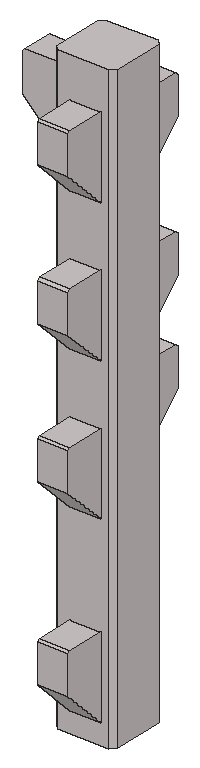
Revit family "rstadvancedsamplefamily", category Structural Columns, Revit 2024
Family settings
  Display in Hidden Views = Edges Hidden by Other Members
  Section Shape = Not Defined
  Material for Model Behavior = Precast Concrete
  Always export as geometry = No
  Beam cutback in plan = From bounding box
  OmniClass Number = 23.25.30.11.14.11
  OmniClass Title = Columns
  Cut with Voids When Loaded = No
  Symbolic Representation = From Family
  Shared = No
  Show family pre-cut in plan views = No
Parameters (values of type "300x300-4 Levels")
  West Corbels Number 1 = if(West Corbels Number > 4, 4, West Corbels Number)  # 1
  Tie Rod Weight [instance] = 30
  Tie Rod W [instance] = (Tie Rod Weight) * 9.80 kN / 1000  # 0.294 kN
  Structural Material [instance] = Concrete - Precast Concrete - 35 MPa
  South Corbels Number 1 = if(South Corbels Number > 4, 4, South Corbels Number)  # 4
  South Corbels Number = 4
  South Corbel Type = Sloped Corbel : Sloped Corbel
  Single Rebar Weight [instance] = 50
  Single Rebar W [instance] = (Single Rebar Weight * 9.80 kN) / 1000  # 0.49 kN
  Rebar Grids Weight [instance] = 100
  Rebar Grids W [instance] = (Rebar Grids Weight * 9.80 kN) / 1000  # 0.98 kN
  North Corbels Number 1 = if(North Corbels Number > 4, 4, North Corbels Number)  # 3
  North Corbels Number = 3
  North Corbel Type = Sloped Corbel : Sloped Corbel
  East Corbels Number 1 = if(East Corbels Number > 4, 4, East Corbels Number)  # 0
  East Corbels Number = 0
  East Corbel Type = Sloped Corbel : Sloped Corbel
  Corbel Width = ""
  Corbel Width West = 150 mm
  Corbel Width South = 150 mm
  Corbel Width North = 150 mm
  Corbel Width East = 150 mm
  Corbel West 4 = and(West Corbels Number 1 = 4, not(West Corbels Number 1 = 0))  # no
  Corbel West 3 = and(or((West Corbels Number 1 = 3), (West Corbels Number 1 > 3)), not(West Corbels Number 1 = 0))  # no
  Corbel West 2 = and(or((West Corbels Number 1 = 2), (West Corbels Number 1 > 2)), not(West Corbels Number 1 = 0))  # no
  Corbel West 1 = and(or((West Corbels Number 1 = 1), (West Corbels Number 1 > 1)), not(West Corbels Number 1 = 0))  # yes
  West Corbels Number = 1
  West Corbel Type = Sloped Corbel : Sloped Corbel
  Corbel South 4 = and(South Corbels Number 1 = 4, not(South Corbels Number 1 = 0))  # yes
  Corbel South 3 = and(or((South Corbels Number 1 = 3), (South Corbels Number 1 > 3)), not(South Corbels Number 1 = 0))  # yes
  Corbel South 2 = and(or((South Corbels Number 1 = 2), (South Corbels Number 1 > 2)), not(South Corbels Number 1 = 0))  # yes
  Corbel South 1 = and(or((South Corbels Number 1 = 1), (South Corbels Number 1 > 1)), not(South Corbels Number 1 = 0))  # yes
  Corbel North 4 = and(North Corbels Number 1 = 4, not(North Corbels Number 1 = 0))  # no
  Corbel North 3 = and(or((North Corbels Number 1 = 3), (North Corbels Number 1 > 3)), not(North Corbels Number 1 = 0))  # yes
  Corbel North 2 = and(or((North Corbels Number 1 = 2), (North Corbels Number 1 > 2)), not(North Corbels Number 1 = 0))  # yes
  Corbel North 1 = and(or((North Corbels Number 1 = 1), (North Corbels Number 1 > 1)), not(North Corbels Number 1 = 0))  # yes
  Corbel Height = ""
  Corbel Height West = 400 mm
  Corbel Height South = 400 mm
  Corbel Height North = 400 mm
  Corbel Height East = 400 mm
  Corbel East 4 = and(East Corbels Number 1 = 4, not(East Corbels Number 1 = 0))  # no
  Corbel East 3 = and(or((East Corbels Number 1 = 3), (East Corbels Number 1 > 3)), not(East Corbels Number 1 = 0))  # no
  Corbel East 2 = and(or((East Corbels Number 1 = 2), (East Corbels Number 1 > 2)), not(East Corbels Number 1 = 0))  # no
  Corbel East 1 = and(or((East Corbels Number 1 = 1), (East Corbels Number 1 > 1)), not(East Corbels Number 1 = 0))  # no
  Corbel Distance from Top Level [instance] = ""
  Corbel Distance West 1 [instance] = 100 mm
  Corbel Distance West 2 [instance] = 700 mm
  Corbel Distance West 3 [instance] = 1300 mm
  Corbel Distance West 4 [instance] = 2100 mm
  Corbel Distance East 1 [instance] = 350 mm
  Corbel Distance East 2 [instance] = 950 mm
  Corbel Distance East 3 [instance] = 1750 mm
  Corbel Distance East 4 [instance] = 2450 mm
  Corbel Distance South 1 [instance] = 200 mm
  Corbel Distance South 2 [instance] = 900 mm
  Corbel Distance South 3 [instance] = 1600 mm
  Corbel Distance South 4 [instance] = 2500 mm
  Corbel Distance North 1 [instance] = 250 mm
  Corbel Distance North 2 [instance] = 950 mm
  Corbel Distance North 3 [instance] = 1450 mm
  Corbel Distance North 4 [instance] = 2350 mm
  Corbel Depth = ""
  Corbel Depth West = 200 mm
  Corbel Depth South = 200 mm
  Corbel Depth North = 200 mm
  Corbel Depth East = 200 mm
  Corbel Horizontal Offset [instance] = ""
  Corbel Offset West [instance] = 60 mm
  Corbel Offset South [instance] = 60 mm
  Corbel Offset North [instance] = 60 mm
  Corbel Offset East [instance] = 60 mm
  Corbel Chamfer [instance] = 10 mm
  Assembly Code = "B10"
  Chamfer = 25 mm
  b = 300 mm
  h = 300 mm
Types (9, lengths in mm): name | West Corbels Number 1 | South Corbels Number 1 | South Corbels Number | South Corbel Type | North Corbels Number 1 | North Corbels Number | North Corbel Type | East Corbels Number 1 | East Corbels Number | East Corbel Type | Corbel West 4 | Corbel West 3 | Corbel West 2 | Corbel West 1 | West Corbels Number | West Corbel Type | Corbel South 4 | Corbel South 3 | Corbel South 2 | Corbel South 1 | Corbel North 3 | Corbel North 2 | Corbel East 2 | Corbel East 1 | Assembly Code | b | h
  (no name) | 1 | 4 | 4 | Sloped Corbel : Sloped Corbel | 3 | 3 | Sloped Corbel : Sloped Corbel | 0 | 0 | Sloped Corbel : Sloped Corbel | no | no | no | yes | 1 | Sloped Corbel : Sloped Corbel | yes | yes | yes | yes | yes | yes | no | no | "B10" | 300 | 300
  300x300-2 Levels | 0 | 2 | 2 | Rectangular Corbel : Rectangular Corbel | 1 | 1 | Sloped Corbel : Sloped Corbel | 2 | 2 | Rectangular Corbel : Rectangular Corbel | no | no | no | no | 0 | Rectangular Corbel : Rectangular Corbel | no | no | yes | yes | no | no | yes | yes | 0 | 300 | 300
  450x450-2 Levels | 2 | 0 | 0 | Rectangular Corbel : Rectangular Corbel | 2 | 2 | Rectangular Corbel : Rectangular Corbel | 0 | 0 | Sloped Corbel : Sloped Corbel | no | no | yes | yes | 2 | Sloped Corbel : Sloped Corbel | no | no | no | no | no | yes | no | no | "B10" | 450 | 450
  300x300-4 Levels | 1 | 4 | 4 | Sloped Corbel : Sloped Corbel | 3 | 3 | Sloped Corbel : Sloped Corbel | 0 | 0 | Sloped Corbel : Sloped Corbel | no | no | no | yes | 1 | Sloped Corbel : Sloped Corbel | yes | yes | yes | yes | yes | yes | no | no | "B10" | 300 | 300
  300x300-3 Levels | 3 | 0 | 0 | Rectangular Corbel : Rectangular Corbel | 2 | 2 | Sloped Corbel : Sloped Corbel | 0 | 0 | Sloped Corbel : Sloped Corbel | no | yes | yes | yes | 3 | Rectangular Corbel : Rectangular Corbel | no | no | no | no | no | yes | no | no | "B10" | 300 | 300
  450x450-4 Levels | 4 | 0 | 0 | Rectangular Corbel : Rectangular Corbel | 1 | 1 | Rectangular Corbel : Rectangular Corbel | 2 | 2 | Sloped Corbel : Sloped Corbel | yes | yes | yes | yes | 4 | Sloped Corbel : Sloped Corbel | no | no | no | no | no | no | yes | yes | "B10" | 450 | 450
  450x450-3 Levels | 0 | 3 | 3 | Rectangular Corbel : Rectangular Corbel | 1 | 1 | Sloped Corbel : Sloped Corbel | 2 | 2 | Sloped Corbel : Sloped Corbel | no | no | no | no | 0 | Rectangular Corbel : Rectangular Corbel | no | yes | yes | yes | no | no | yes | yes | "B10" | 450 | 450
  300x300-1 Level | 0 | 1 | 1 | Sloped Corbel : Sloped Corbel | 1 | 1 | Sloped Corbel : Sloped Corbel | 1 | 1 | Sloped Corbel : Sloped Corbel | no | no | no | no | 0 | Rectangular Corbel : Rectangular Corbel | no | no | no | yes | no | no | no | yes | "B10" | 300 | 300
  450x450-1 Level | 1 | 0 | 0 | Rectangular Corbel : Rectangular Corbel | 1 | 1 | Rectangular Corbel : Rectangular Corbel | 1 | 1 | Sloped Corbel : Sloped Corbel | no | no | no | yes | 1 | Sloped Corbel : Sloped Corbel | no | no | no | no | no | no | no | yes | "B10" | 450 | 450
Reference planes
  plane 1 "Center (Front/Back)": y = 0
  plane 2: z = 0
  plane 3 "Center (Left/Right)": x = 0
  plane 4: x = -150
  plane 5: x = 150
  plane 6: y = 150
  plane 7: y = -150
  plane 8: x = -125
  plane 9: y = -125
  plane 10: x = 125
  plane 11: y = 125
  plane 12 "fill ref  west": z = 2900
  plane 13 "fill ref  north": z = 2750
  plane 14 "fill ref  south": z = 2800
  plane 15 "fill ref  east": z = 2650
  plane 16 "West 1": z = 2300
  plane 17 "East 1": z = 2050
  plane 18 "South 1": z = 2100
  plane 19 "North 1": z = 2050
  plane 20 "West 2": z = 1700
  plane 21 "East 2": z = 1250
  plane 22 "South 2": z = 1400
  plane 23 "North 2": z = 1550
  plane 24 "West 3": z = 900
  plane 25 "East 3": z = 550
  plane 26 "South 3": z = 500
  plane 27 "North 3": z = 650
  plane 28: y = 65
  plane 29: x = 65
  plane 30: y = -65
  plane 31: x = -65
  plane 32: x = -125
  plane 33: y = -125
  plane 34: x = 125
  plane 35: y = 125
Forms (mm)
  Extrusion 1, solid, material "Concrete - Precast Concrete - 35 MPa" <- "Structural Material"
    sketch origin (0, 0, 0) x (1, 0, 0) y (0, 1, 0)
      loop
        line (-125, 150) -> (-150, 125) -> (-150, -125) -> (-125, -150) -> (125, -150) -> (150, -125) -> (150, 125) -> (125, 150) -> (-125, 150)
    from 0 to 3000
Dimensions and locks
  equal spacing: plane 4, plane 3 "Center (Left/Right)", plane 5
  equal spacing: plane 7, plane 1 "Center (Front/Back)", plane 6
  "h": plane 7 to plane 6
  "b": plane 4 to plane 5
  "Chamfer": plane 4 to plane 8
  "Chamfer": plane 10 to plane 5
  "Chamfer": plane 11 to plane 6
  "Chamfer": plane 7 to plane 9
  "Corbel Offset West": plane 11 to plane 28
  "Corbel Offset South": plane 8 to plane 31
  "Corbel Offset East": plane 30 to plane 9
  "Corbel Offset North": plane 29 to plane 10
  "Corbel Distance West 1": level to plane 12 "fill ref  west"
  "Corbel Distance West 2": level to plane 16 "West 1"
  "Corbel Distance West 3": level to plane 20 "West 2"
  "Corbel Distance West 4": level to plane 24 "West 3"
  "Corbel Distance East 1": level to plane 15 "fill ref  east"
  "Corbel Distance East 2": level to plane 17 "East 1"
  "Corbel Distance East 3": level to plane 21 "East 2"
  "Corbel Distance East 4": level to plane 25 "East 3"
  "Corbel Distance South 1": level to plane 14 "fill ref  south"
  "Corbel Distance South 2": level to plane 18 "South 1"
  "Corbel Distance South 3": level to plane 22 "South 2"
  "Corbel Distance South 4": level to plane 26 "South 3"
  "Corbel Distance North 1": level to plane 13 "fill ref  north"
  "Corbel Distance North 2": level to plane 19 "North 1"
  "Corbel Distance North 3": level to plane 23 "North 2"
  "Corbel Distance North 4": level to plane 27 "North 3"
  aligned and locked: plane 6 to Extrusion 1 sketch curve
  aligned and locked: Extrusion 1 sketch curve to plane 7
  aligned and locked: Extrusion 1 sketch curve to plane 4
  aligned and locked: plane 5 to Extrusion 1 sketch curve
  aligned and locked: level to Extrusion 1
  aligned and locked: level to plane 2
  aligned and locked: Extrusion 1 to plane 2
  aligned and locked: nested 1 to plane 15 "fill ref  east"
  aligned and locked: nested 4 to plane 12 "fill ref  west"
  aligned and locked: nested 2 to plane 13 "fill ref  north"
  aligned and locked: nested 3 to plane 14 "fill ref  south"
  aligned and locked: nested 5 to plane 17 "East 1"
  aligned and locked: nested 6 to plane 21 "East 2"
  aligned and locked: nested 7 to plane 25 "East 3"
  aligned and locked: nested 8 to plane 16 "West 1"
  aligned and locked: nested 9 to plane 20 "West 2"
  aligned and locked: nested 10 to plane 24 "West 3"
  aligned and locked: nested 13 to plane 27 "North 3"
  aligned and locked: nested 12 to plane 23 "North 2"
  aligned and locked: nested 11 to plane 19 "North 1"
  aligned and locked: nested 16 to plane 26 "South 3"
  aligned and locked: nested 15 to plane 22 "South 2"
  aligned and locked: nested 14 to plane 18 "South 1"
  aligned and locked: plane 28 to nested 4
  aligned and locked: plane 28 to nested 8
  aligned and locked: plane 28 to nested 9
  aligned and locked: plane 28 to nested 10
  aligned and locked: plane 31 to nested 3
  aligned and locked: plane 31 to nested 14
  aligned and locked: plane 31 to nested 15
  aligned and locked: plane 31 to nested 16
  aligned and locked: plane 30 to nested 1
  aligned and locked: plane 30 to nested 5
  aligned and locked: plane 30 to nested 6
  aligned and locked: plane 30 to nested 7
  aligned and locked: nested 2 to plane 29
  aligned and locked: nested 11 to plane 29
  aligned and locked: nested 12 to plane 29
  aligned and locked: nested 13 to plane 29
  aligned and locked: plane 8 to plane 32
  aligned and locked: plane 33 to plane 9
  aligned and locked: plane 10 to plane 34
  aligned and locked: plane 35 to plane 11
Automatic sketch dimensions
  Extrusion 1 sketch curve to plane 8 = 0 mm  (x2)
  Extrusion 1 sketch curve to plane 10 = 0 mm  (x2)
  Extrusion 1 sketch curve to plane 9 = 0 mm  (x2)
  Extrusion 1 sketch curve to plane 11 = 0 mm  (x2)
Nested families
  nested 1: "Sloped Corbel" at (150, 10, 2650) x (0, 1, 0) z (1, 0, 0), Corbel Width <- "Corbel Width East", visible <- "Corbel East 1", type <- "East Corbel Type", Corbel Height <- "Corbel Height East", Corbel Depth <- "Corbel Depth East", type "Sloped Corbel"
    with TransChamfer 10 mm, Corbel Width 150 mm, Corbel Height 400 mm, Corbel Front 200 mm, Corbel Depth 200 mm
  nested 2: "Sloped Corbel" at (-10, 150, 2750) x (-1, 0, 0) z (0, 1, 0), Corbel Width <- "Corbel Width North", visible <- "Corbel North 1", type <- "North Corbel Type", Corbel Height <- "Corbel Height North", Corbel Depth <- "Corbel Depth North", type "Sloped Corbel"
    with TransChamfer 10 mm, Corbel Width 150 mm, Corbel Height 400 mm, Corbel Front 200 mm, Corbel Depth 200 mm
  nested 3: "Sloped Corbel" at (10, -150, 2800) x (1, 0, 0) z (0, -1, 0), Corbel Width <- "Corbel Width South", visible <- "Corbel South 1", type <- "South Corbel Type", Corbel Height <- "Corbel Height South", Corbel Depth <- "Corbel Depth South", type "Sloped Corbel"
    with TransChamfer 10 mm, Corbel Width 150 mm, Corbel Height 400 mm, Corbel Front 200 mm, Corbel Depth 200 mm
  nested 4: "Sloped Corbel" at (-150, -10, 2900) x (0, -1, 0) z (-1, 0, 0), Corbel Width <- "Corbel Width West", visible <- "Corbel West 1", type <- "West Corbel Type", Corbel Height <- "Corbel Height West", Corbel Depth <- "Corbel Depth West", type "Sloped Corbel"
    with TransChamfer 10 mm, Corbel Width 150 mm, Corbel Height 400 mm, Corbel Front 200 mm, Corbel Depth 200 mm
  nested 5: "Sloped Corbel" at (150, 10, 2050) x (0, 1, 0) z (1, 0, 0), Corbel Width <- "Corbel Width East", visible <- "Corbel East 2", type <- "East Corbel Type", Corbel Height <- "Corbel Height East", Corbel Depth <- "Corbel Depth East", type "Sloped Corbel"
    with TransChamfer 10 mm, Corbel Width 150 mm, Corbel Height 400 mm, Corbel Front 200 mm, Corbel Depth 200 mm
  nested 6: "Sloped Corbel" at (150, 10, 1250) x (0, 1, 0) z (1, 0, 0), Corbel Width <- "Corbel Width East", visible <- "Corbel East 3", type <- "East Corbel Type", Corbel Height <- "Corbel Height East", Corbel Depth <- "Corbel Depth East", type "Sloped Corbel"
    with TransChamfer 10 mm, Corbel Width 150 mm, Corbel Height 400 mm, Corbel Front 200 mm, Corbel Depth 200 mm
  nested 7: "Sloped Corbel" at (150, 10, 550) x (0, 1, 0) z (1, 0, 0), Corbel Width <- "Corbel Width East", visible <- "Corbel East 4", type <- "East Corbel Type", Corbel Height <- "Corbel Height East", Corbel Depth <- "Corbel Depth East", type "Sloped Corbel"
    with TransChamfer 10 mm, Corbel Width 150 mm, Corbel Height 400 mm, Corbel Front 200 mm, Corbel Depth 200 mm
  nested 8: "Sloped Corbel" at (-150, -10, 2300) x (0, -1, 0) z (-1, 0, 0), Corbel Width <- "Corbel Width West", visible <- "Corbel West 2", type <- "West Corbel Type", Corbel Height <- "Corbel Height West", Corbel Depth <- "Corbel Depth West", type "Sloped Corbel"
    with TransChamfer 10 mm, Corbel Width 150 mm, Corbel Height 400 mm, Corbel Front 200 mm, Corbel Depth 200 mm
  nested 9: "Sloped Corbel" at (-150, -10, 1700) x (0, -1, 0) z (-1, 0, 0), Corbel Width <- "Corbel Width West", visible <- "Corbel West 3", type <- "West Corbel Type", Corbel Height <- "Corbel Height West", Corbel Depth <- "Corbel Depth West", type "Sloped Corbel"
    with TransChamfer 10 mm, Corbel Width 150 mm, Corbel Height 400 mm, Corbel Front 200 mm, Corbel Depth 200 mm
  nested 10: "Sloped Corbel" at (-150, -10, 900) x (0, -1, 0) z (-1, 0, 0), Corbel Width <- "Corbel Width West", visible <- "Corbel West 4", type <- "West Corbel Type", Corbel Height <- "Corbel Height West", Corbel Depth <- "Corbel Depth West", type "Sloped Corbel"
    with TransChamfer 10 mm, Corbel Width 150 mm, Corbel Height 400 mm, Corbel Front 200 mm, Corbel Depth 200 mm
  nested 11: "Sloped Corbel" at (-10, 150, 2050) x (-1, 0, 0) z (0, 1, 0), Corbel Width <- "Corbel Width North", visible <- "Corbel North 2", type <- "North Corbel Type", Corbel Height <- "Corbel Height North", Corbel Depth <- "Corbel Depth North", type "Sloped Corbel"
    with TransChamfer 10 mm, Corbel Width 150 mm, Corbel Height 400 mm, Corbel Front 200 mm, Corbel Depth 200 mm
  nested 12: "Sloped Corbel" at (-10, 150, 1550) x (-1, 0, 0) z (0, 1, 0), Corbel Width <- "Corbel Width North", visible <- "Corbel North 3", type <- "North Corbel Type", Corbel Height <- "Corbel Height North", Corbel Depth <- "Corbel Depth North", type "Sloped Corbel"
    with TransChamfer 10 mm, Corbel Width 150 mm, Corbel Height 400 mm, Corbel Front 200 mm, Corbel Depth 200 mm
  nested 13: "Sloped Corbel" at (-10, 150, 650) x (-1, 0, 0) z (0, 1, 0), Corbel Width <- "Corbel Width North", visible <- "Corbel North 4", type <- "North Corbel Type", Corbel Height <- "Corbel Height North", Corbel Depth <- "Corbel Depth North", type "Sloped Corbel"
    with TransChamfer 10 mm, Corbel Width 150 mm, Corbel Height 400 mm, Corbel Front 200 mm, Corbel Depth 200 mm
  nested 14: "Sloped Corbel" at (10, -150, 2100) x (1, 0, 0) z (0, -1, 0), Corbel Width <- "Corbel Width South", visible <- "Corbel South 2", type <- "South Corbel Type", Corbel Height <- "Corbel Height South", Corbel Depth <- "Corbel Depth South", type "Sloped Corbel"
    with TransChamfer 10 mm, Corbel Width 150 mm, Corbel Height 400 mm, Corbel Front 200 mm, Corbel Depth 200 mm
  nested 15: "Sloped Corbel" at (10, -150, 1400) x (1, 0, 0) z (0, -1, 0), Corbel Width <- "Corbel Width South", visible <- "Corbel South 3", type <- "South Corbel Type", Corbel Height <- "Corbel Height South", Corbel Depth <- "Corbel Depth South", type "Sloped Corbel"
    with TransChamfer 10 mm, Corbel Width 150 mm, Corbel Height 400 mm, Corbel Front 200 mm, Corbel Depth 200 mm
  nested 16: "Sloped Corbel" at (10, -150, 500) x (1, 0, 0) z (0, -1, 0), Corbel Width <- "Corbel Width South", visible <- "Corbel South 4", type <- "South Corbel Type", Corbel Height <- "Corbel Height South", Corbel Depth <- "Corbel Depth South", type "Sloped Corbel"
    with TransChamfer 10 mm, Corbel Width 150 mm, Corbel Height 400 mm, Corbel Front 200 mm, Corbel Depth 200 mm
Definition of nested family "Sloped Corbel"
  Parameters
    TransChamfer [instance] = if(Chamfer = 0 mm, Corbel Depth / 2, Chamfer)  # 10 mm
    Material = none
    Default Elevation = 0 mm
    Corbel Width [instance] = 304.8 mm
    Corbel Height [instance] = 700 mm
    Corbel Front [instance] = Corbel Height - Corbel Depth  # 300 mm
    Corbel Depth [instance] = 400 mm
    Chamfer = 10 mm
    Assembly Code = ""
  Reference planes
    plane 1 "Center (Front/Back)": y = 0
    plane 2: z = 0
    plane 3 "Center (Left/Right)": x = 0
    plane 4: y = -700
    plane 5: y = -10
    plane 6: z = 400
    plane 7: z = 390
    plane 8 "Left": x = -152.4
    plane 9 "Right": x = 152.4
    plane 10: y = -300
  Forms (mm)
    Extrusion 1, solid
      sketch origin (0, 0, 0) x (1, 0, 0) y (0, 1, 0)
        loop
          line (-844.162, 1219.2) -> (-844.162, -1219.2) -> (762, -1219.2) -> (762, 1219.2) -> (-844.162, 1219.2)
      from 0 to -304.8
    Sweep 2, solid, material <- "Material"
      path origin (0, 0, 0) x (1, 0, 0) y (0, 1, 0)
        loop
          line (-152.4, 0) -> (152.4, 0)
      profile origin (0, 0, 0) x (0, 1, 0) y (0, 0, 1)
        loop
          line (0, 0) -> (0, 390) -> (-10, 400) -> (-300, 400) -> (-700, 0) -> (0, 0)
  Dimensions and locks
    "Corbel Depth": plane 6 to plane 2
    "TransChamfer": plane 6 to plane 7
    "Corbel Height": plane 4 to plane 1 "Center (Front/Back)"
    "Chamfer": plane 5 to plane 1 "Center (Front/Back)"
    "Corbel Width": plane 8 "Left" to plane 9 "Right"
    equal spacing: plane 8 "Left", plane 3 "Center (Left/Right)", plane 9 "Right"
    "Corbel Front": plane 10 to plane 1 "Center (Front/Back)"
    aligned and locked: plane 2 to Extrusion 1
    aligned and locked: level to Extrusion 1
    aligned and locked: plane 1 "Center (Front/Back)" to Sweep 2 sketch curve  (x2)
    aligned and locked: plane 2 to Sweep 2 sketch curve
    aligned and locked: plane 7 to Sweep 2 sketch curve
    aligned and locked: plane 8 "Left" to Sweep 2 sketch curve
    aligned and locked: plane 9 "Right" to Sweep 2 sketch curve
    aligned and locked: plane 4 to Sweep 2 sketch curve
    aligned and locked: Sweep 2 sketch curve to plane 6
    aligned and locked: plane 5 to Sweep 2 sketch curve
    aligned and locked: plane 10 to Sweep 2 sketch curve
  Automatic sketch dimensions
    Extrusion 1 sketch curve to Extrusion 1 sketch curve = 1606.162 mm
    Extrusion 1 sketch curve to Extrusion 1 sketch curve = 2438.4 mm
